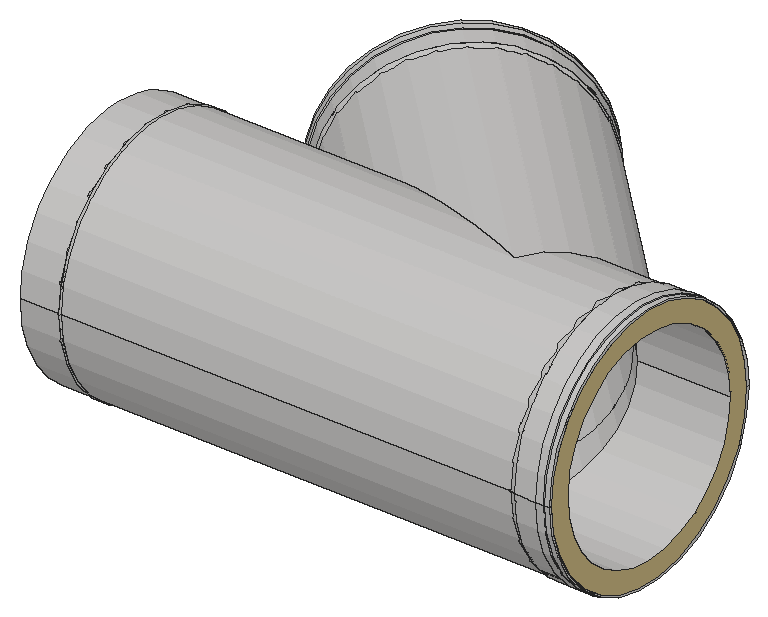
Revit family "Construction_Chimney_Oli_INOX-TEE-MALE-45", category Pipe Fittings, Revit 2015
Parameters
  Youtube clip = ""
  Weight Net (Kg) = ""
  Virtual Socket Type [instance] = Socket Type : Positive
  Virtual Socket [instance] = no
  Uniformat II Description = ""
  Uniformat II Code = ""
  Uniclass 2015 Name = ""
  Uniclass 2015 Code = ""
  Uniclass 2.0 Description = ""
  Uniclass 2.0 Code = ""
  Uniclass 1.4 Description = ""
  Uniclass 1.4 Code = ""
  URL = "www.olisrl.it"
  UNSPSC Code = ""
  Type of Element = "Junction"  # constant formula
  Type Image = OL016222_Tee 45° maschio INOX DP.jpg
  Twist Socket [instance] = if(Nominal Diameter = 80 mm, 1 = 1, if(Nominal Diameter = 100 mm, 1 = 1, if(Nominal Diameter = 130 mm, 1 = 1, if(Nominal Diameter = 150 mm, 1 = 1, if(Nominal Diameter = 180 mm, 1 = 1, if(Nominal Diameter = 200 mm, 1 = 1, 1 = 0))))))  # no
  Traditional Socket [instance] = not(Twist Socket)  # yes
  Termal resistance [instance] = if(Nominal Diameter = 80 mm, "0,36 m2k/W", if(Nominal Diameter = 100 mm, "0,37 m2k/W", if(Nominal Diameter = 130 mm, "0,39 m2k/W", if(Nominal Diameter = 150 mm, "0,40 m2k/W", if(Nominal Diameter = 180 mm, "0,41 m2k/W", if(Nominal Diameter = 200 mm, "0,42 m2k/W", if(Nominal Diameter = 250 mm, "0,42 m2k/W", if(Nominal Diameter = 300 mm, "0,42 m2k/W", if(Nominal Diameter = 350 mm, "0,43 m2k/W", if(Nominal Diameter = 400 mm, "0,43 m2k/W", "NA"))))))))))  # "0,42 m2k/W"
  Technical description = "http://www.olisrl.it/download/C_OLIFLEX_A80-2_IT-GB.pdf"
  Region South America = "All"
  Region Oceania = "All"
  Region North America = "All"
  Region Middle East = "All"
  Region Europe = "All"
  Region Asia = "All"
  Region Antarctica = "All"
  Region Africa = "All"
  QR code = "http://bimobject.com/oli/product/OL016222-stainless-steel-pipe-rigid-element-chimney-Condensing-gas-boilers-Kitchen-wood-pellet"
  Product url = "http://www.olisrl.it/download/VOCE%20di%20CAPITOLATO_OLIflex_DP25_Inox-ISOLATO-Lana_rev2.pdf"
  Product group = "TEE MALE 45°"
  Product family = "OLIFLEX D.P. Inox 25 Mineral Wool insulation"
  Product data url = "https://bimobject.com/oli/product/OL016222-stainless-steel-pipe-rigid-element-chimney-Condensing-gas-boilers-Kitchen-wood-pellet"
  Product certification = "http://www.olisrl.it/download/Oliflex-DP01.pdf"
  Product SKU = "OL016222-stainless-steel-pipe-rigid-element-chimney-Condensing-gas-boilers-Kitchen-wood-pellet"
  Product Material = Stainless Steel - Oli - Corrosion resistant
  Product Guid = "64ea1341-478f-40c6-81f5-4833bea09320"
  Product Family = "OLIFLEX D.P. Inox 25 Mineral Wool insulation"  # constant formula
  Positive Socket [instance] = Socket Type : Positive
  Positive 3 [instance] = and(Virtual Socket Type = Positive Socket, Fake Traditional Socket)  # no
  Positive 2 [instance] = and(Virtual Socket Type = Positive Socket, Fake Twist Socket)  # no
  Positive 1 [instance] = and(Virtual Socket Type = Positive Socket, Traditional Socket)  # yes
  Positive [instance] = and(Virtual Socket Type = Positive Socket, Twist Socket)  # no
  OmniClass Description = ""
  OmniClass Code = ""
  Note [instance] = if(Nominal Diameter = 80 mm, "Dist. to combustible material = T200 (O 00 mm.) / T600 (G 65 mm.)", if(Nominal Diameter = 100 mm, "Dist. to combustible material = T200 (O 00 mm.) / T600 (G 65 mm.)", if(Nominal Diameter = 130 mm, "Dist. to combustible material = T200 (O 00 mm.) / T600 (G 65 mm.)", if(Nominal Diameter = 150 mm, "Dist. to combustible material = T200 (O 00 mm.) / T600 (G 65 mm.)", if(Nominal Diameter = 180 mm, "Dist. to combustible material = T200 (O 00 mm.) / T600 (G 65 mm.)", if(Nominal Diameter = 200 mm, "Dist. to combustible material = T200 (O 00 mm.) / T600 (G 65 mm.)", if(Nominal Diameter = 250 mm, "Dist. to combustible material = T200 (O 00 mm.) / T600 (G 65 mm.)", if(Nominal Diameter = 300 mm, "Dist. to combustible material = T200 (O 00 mm.) / T600 (G 98 mm.)", if(Nominal Diameter = 350 mm, "Dist. to combustible material = T200 (O 00 mm.) / T600 (G 98 mm.)", if(Nominal Diameter = 400 mm, "Dist. to combustible material = T200 (O 00 mm.) / T600 (G 98 mm.)", "NA"))))))))))  # "Dist. to combustible material = T200 (O 00 mm.) / T600 (G 65 mm.)"
  Not VS2 [instance] = and(not(Virtual Socket), Virtual Socket Type = Positive Socket)  # yes
  Not VS [instance] = and(not(Virtual Socket), Virtual Socket Type = Negative Socket)  # no
  Nominal width = 0 mm
  Nominal height = 0 mm
  Nominal Diameter [instance] = 250 mm
  Negative Socket [instance] = Socket Type : Negative
  Negative 3 [instance] = and(Virtual Socket Type = Negative Socket, Fake Traditional Socket)  # no
  Negative 2 [instance] = and(Virtual Socket Type = Negative Socket, Fake Twist Socket)  # no
  Negative 1 [instance] = and(Virtual Socket Type = Negative Socket, Traditional Socket)  # no
  Negative [instance] = and(Twist Socket, Virtual Socket Type = Negative Socket)  # no
  ND2 [instance] = Outside Diameter / 2 + 2 mm  # 152 mm
  ND1 [instance] = Outside Diameter / 2  # 150 mm
  ND [instance] = Outside Diameter / 2 - 5 mm  # 145 mm
  NBS Reference Description = ""
  NBS Reference Code = ""
  Model Description [instance] = if(Nominal Diameter = 80 mm, "TEE MALE 45°  Diam. 80", if(Nominal Diameter = 100 mm, "TEE MALE 45°  Diam. 100", if(Nominal Diameter = 130 mm, "TEE MALE 45°  Diam. 130", if(Nominal Diameter = 150 mm, "TEE MALE 45°  Diam. 150", if(Nominal Diameter = 180 mm, "TEE MALE 45°  Diam. 180", if(Nominal Diameter = 200 mm, "TEE MALE 45°  Diam. 200", if(Nominal Diameter = 250 mm, "TEE MALE 45°  Diam. 250", if(Nominal Diameter = 300 mm, "TEE MALE 45°  Diam. 300", if(Nominal Diameter = 350 mm, "TEE MALE 45°  Diam. 350", if(Nominal Diameter = 400 mm, "TEE MALE 45°  Diam. 400", "NA"))))))))))  # "TEE MALE 45°  Diam. 250"
  Maximum Temperature = "without seal +600° C (temp. test. +700° C) - with seal +200° C (temp. test. +250° C)"  # constant formula
  Material secondary = ""
  Material main = "Stainless steel"
  Material = "Int. AISI 316 sp. 0,5 mm. - Est. AISI 304 sp. 0,5 mm."
  Masterformat 2014 Description = ""
  Masterformat 2014 Code = ""
  Manufacturer name = "Oli"
  Manufacturer country = "Italy"
  Manufacturer = "Oli"  # constant formula
  Lookup Table Name [instance] = "Oli_TEE-Male-45"
  Length 2 [instance] = if(Angle < 45.001°, E, C - E)  # 165 mm
  Length 1 [instance] = if(Angle > 45.05°, E, C - E)  # 485 mm
  L [instance] = size_lookup(Lookup Table Name, "L", 0 mm, Nominal Diameter)  # 462 mm
  Keynote = "15200"
  Insulazione tipe = "25 mm. - Mineral Wood"  # constant formula
  Installation instructions = "http://www.olisrl.it/download/C_OLIFLEX_A80-2_IT-GB.pdf"
  Outside Diameter [instance] = size_lookup(Lookup Table Name, "D1", 0 mm, Nominal Diameter)  # 300 mm
  IFC Classification = ""
  Fire Resistence = "without seal \"G\" (Resistant to the soot fire) - with seal \"O\" (Not resistant to the soot fire)"
  Fake Twist Socket [instance] = and(Virtual Socket, Twist Socket)  # no
  Fake Traditional Socket [instance] = and(Virtual Socket, Traditional Socket)  # no
  Edition number = 1
  EAN code = ""
  E [instance] = size_lookup(Lookup Table Name, "E", 0 mm, Nominal Diameter)  # 485 mm
  Dimensions [instance] = if(Nominal Diameter = 80 mm, "Int. 80 mm. - est. 130 mm. - sp. 25 mm.", if(Nominal Diameter = 100 mm, "Int. 100 mm. - est. 150 mm. - sp. 25 mm.", if(Nominal Diameter = 130 mm, "Int. 130 mm. - est. 180 mm. - sp. 25 mm.", if(Nominal Diameter = 150 mm, "Int. 150 mm. - est. 200 mm. - sp. 25 mm.", if(Nominal Diameter = 180 mm, "Int. 180 mm. - est. 230 mm. - sp. 25 mm.", if(Nominal Diameter = 200 mm, "Int. 200 mm. - est. 250 mm. - sp. 25 mm.", if(Nominal Diameter = 250 mm, "Int. 250 mm. - est. 300 mm. - sp. 25 mm.", if(Nominal Diameter = 300 mm, "Int. 300 mm. - est. 350 mm. - sp. 25 mm.", if(Nominal Diameter = 350 mm, "Int. 350 mm. - est. 400 mm. - sp. 25 mm.", if(Nominal Diameter = 400 mm, "Int. 400 mm. - est. 450 mm. - sp. 25 mm.", "NA"))))))))))  # "Int. 250 mm. - est. 300 mm. - sp. 25 mm."
  Design country = "Italy"
  Description = "Tee male 45°, CE certified product in according with EN 1856-1, is a system in Polished Stainless Steel for removal of the combustion products from condensation boilers, Kitchen and solid (Pellet - Wood) and liquid fuell . Produced in 80-130-150-180-200-250-300-350-400 mm diameters. This new system, composed of circular modular elements, resists both positive pressure (200 Pa - P1) and negative pressure (40 Pa depression). The OLIflex D.P. Inox 25 system is used principally for both the discharge of the products of combustion from domestic and industial boilers, wood and pellet stoes and fireplaces. D.P. Inox 25 is resistant to the soot fire (G) and the maximun operating temperature is T 600° and the product must guarantee a perfect seal against acidic condensation (corrosion class V2) in dry and wet conditions.\r\n"  # constant formula
  Date of publishing = ""
  Construction Standard = "EN 1856-1 - chimney system"  # constant formula
  Connector 2 [instance] = if(Virtual Socket Type = Positive Socket, Length 2, Length 2 - 50 mm)  # 165 mm
  Connector 1 [instance] = if(Virtual Socket Type = Positive Socket, Length 1 - 50 mm, Length 1)  # 435 mm
  Connection elements [instance] = if(Nominal Diameter = 80 mm, "Quick screw connection - No lolocking band required", if(Nominal Diameter = 100 mm, "Quick screw connection - No lolocking band required", if(Nominal Diameter = 130 mm, "Quick screw connection - No lolocking band required", if(Nominal Diameter = 150 mm, "Quick screw connection - No lolocking band required", if(Nominal Diameter = 180 mm, "Quick screw connection - No lolocking band required", if(Nominal Diameter = 200 mm, "Quick screw connection - No lolocking band required", if(Nominal Diameter = 250 mm, "Quick screw connection - No lolocking band required", if(Nominal Diameter = 300 mm, "Male/Female connection - Requires locking band", if(Nominal Diameter = 350 mm, "Male/Female connection - Requires locking band", if(Nominal Diameter = 400 mm, "Male/Female connection - Requires locking band", "NA"))))))))))  # "Quick screw connection - No lolocking band required"
  Colors = "Polished stainless steel"  # constant formula
  COBIe Type Category = ""
  CE Designation/Performance without seal [instance] = if(Nominal Diameter = 80 mm, "T600 N1 D V2 L50050 G65", if(Nominal Diameter = 100 mm, "T600 N1 D V2 L50050 G65", if(Nominal Diameter = 130 mm, "T600 N1 D V2 L50050 G65", if(Nominal Diameter = 150 mm, "T600 N1 D V2 L50050 G65", if(Nominal Diameter = 180 mm, "T600 N1 D V2 L50050 G65", if(Nominal Diameter = 200 mm, "T600 N1 D V2 L50050 G65", if(Nominal Diameter = 250 mm, "T600 N1 D V2 L50050 G65", if(Nominal Diameter = 300 mm, "T600 N1 D V2 L50050 G98", if(Nominal Diameter = 350 mm, "T600 N1 D V2 L50050 G98", if(Nominal Diameter = 400 mm, "T600 N1 D V2 L50050 G98", "NA"))))))))))  # "T600 N1 D V2 L50050 G65"
  CE Designation/Performance with seal = "T200 P1 W V2 L50050 O00"  # constant formula
  C [instance] = size_lookup(Lookup Table Name, "C", 0 mm, Nominal Diameter)  # 650 mm
  Brand url = "http://www.oli-world.com"
  BIMobject main category code = ""
  BIMobject main category = ""
  BIMobject category code = ""
  BIMobject category = ""
  B' [instance] = B + Nominal Diameter / 2  # 452 mm
  B [instance] = size_lookup(Lookup Table Name, "B", 0 mm, Nominal Diameter)  # 327 mm
  Available Sizes [instance] = "80, 100, 130, 150, 180, 200, 250, 300, 350, 400 mm"  # constant formula
  Assembly Code = "D30"
  Article Number [instance] = size_lookup(Lookup Table Name, "", " NA ", Nominal Diameter)  # "OL0162227"
  Application = "Gas normale e a condensazione + Combust. Solidi e Liquidi"  # constant formula
  Angle [instance] = 135.00°
  A(1/3) [instance] = A * 1 / 3  # 16.667 mm
  A [instance] = size_lookup(Lookup Table Name, "A", 0 mm, Nominal Diameter)  # 50 mm
Reference planes
  plane 1 "Center (Front/Back)": y = 0
  plane 2: z = 0
  plane 3 "Center (Left/Right)": x = 0
  plane 4: x = -485
  plane 5: x = 165
  plane 6: y = 327
Forms (mm)
  Sweep 1, solid, material "Stainless Steel - Oli - Corrosion resistant" <- "Product Material", detail levels fine
    path origin (0, 0, 0) x (1, 0, 0) y (0, 1, 0)
      loop
        line (-485, 0) -> (165, 0)
    profile origin (-160, 0, 0) x (0, 1, 0) y (0, 0, 1)
      loop
        circle (0, 0) r 150
      loop
        circle (0, 0) r 125
  Sweep 2, solid, material "Stainless Steel - Oli - Corrosion resistant" <- "Product Material", detail levels fine
    path origin (0, 0, 0) x (-0.707107, 0.707107, 0) y (-0.707107, -0.707107, 0)
      loop
        line (0, 0) -> (462, 0)
    profile origin (-163.342, 163.342, 0) x (-0.707107, -0.707107, 0) y (0, 0, 1)
      loop
        circle (0, 0) r 150
      loop
        circle (0, 0) r 125
  Revolve 3, solid, material "Stainless Steel - Oli - Corrosion resistant" <- "Product Material", visible <- "Positive 3", detail levels fine
    sketch origin (0, 0, 0) x (-1, 0, 0) y (0, 1, 0)
      loop
        line (485, 150) -> (478, 152) -> (451.667, 152) -> (451.667, 153) -> (442, 153) -> (442, 152) -> (435, 152) -> (435, 150) -> (485, 150)
      axis (435, 0) -> (485, 0)
    angle from 0 to 360
  Revolve 4, solid, material "Stainless Steel - Oli - Corrosion resistant" <- "Product Material", visible <- "Traditional Socket", detail levels fine
    sketch origin (0, 0, 0) x (-0.707107, 0.707107, 0) y (-0.707107, -0.707107, 0)
      loop
        line (462, -150) -> (412, -150) -> (419, -152) -> (445.333, -152) -> (445.333, -153) -> (455, -153) -> (455, -152) -> (462, -152) -> (462, -150)
      axis (412, 0) -> (462, 0)
    angle from 0 to 360
  Revolve 5, solid, material "Stainless Steel - Oli - Corrosion resistant" <- "Product Material", visible <- "Positive 2", detail levels fine
    sketch origin (0, 0, 0) x (1, 0, 0) y (0, 1, 0)
      loop
        line (-485, 150) -> (-435, 150) -> (-435, 152) -> (-445, 152) -> (-445, 153.037) -> (-455, 153.037) -> (-455, 152) -> (-463, 152) -> (-463, 151.2) -> (-468, 151.2) -> (-468, 152) -> (-478, 152) -> (-485, 150)
      axis (-485, 0) -> (-435, 0)
    angle from 0 to 360
  Revolve 6, solid, material "Stainless Steel - Oli - Corrosion resistant" <- "Product Material", visible <- "Twist Socket", detail levels fine
    sketch origin (0, 0, 0) x (-0.707107, 0.707107, 0) y (-0.707107, -0.707107, 0)
      loop
        line (462, -150) -> (412, -150) -> (419, -152) -> (429, -152) -> (429, -151.205) -> (434, -151.205) -> (434, -152) -> (442, -152) -> (442, -152.97) -> (452, -152.97) -> (452, -152) -> (462, -152) -> (462, -150)
      axis (412, 0) -> (462, 0)
    angle from 0 to 360
  Sweep 7, void
    path in 3D
      loop
        line (-435, 0, 0) -> (165, 0, 0)
    profile origin (-135, 0, 0) x (0, 1, 0) y (0, 0, 1)
      loop
        circle (0, 0) r 150
  Sweep 8, void
    path in 3D
      loop
        line (0, 0, 0) -> (-326.683, 326.683, 0)
    profile origin (-163.342, 163.342, 0) x (-0.707107, -0.707107, 0) y (0, 0, 1)
      loop
        circle (0, 0) r 125
  Revolve 9, solid, material "Stainless Steel - Oli - Corrosion resistant" <- "Product Material", visible <- "Positive", detail levels fine
    sketch origin (1780, 0, 0) x (1, 0, 0) y (0, 1, 0)
      loop
        line (-1665, 150) -> (-1615, 150) -> (-1615, 152) -> (-1625, 152) -> (-1625, 153.037) -> (-1635, 153.037) -> (-1635, 152) -> (-1643, 152) -> (-1643, 151.2) -> (-1648, 151.2) -> (-1648, 152) -> (-1658, 152) -> (-1665, 150)
      axis (-1665, 0) -> (-1615, 0)
    angle from 0 to 360
  Revolve 10, solid, material "Stainless Steel - Oli - Corrosion resistant" <- "Product Material", visible <- "Positive 1", detail levels fine
    sketch origin (1580, 0, 0) x (-1, 0, 0) y (0, 1, 0)
      loop
        line (1465, 150) -> (1458, 152) -> (1431.667, 152) -> (1431.667, 153) -> (1422, 153) -> (1422, 152) -> (1415, 152) -> (1415, 150) -> (1465, 150)
      axis (1415, 0) -> (1465, 0)
    angle from 0 to 360
  Revolve 11, solid, material "Stainless Steel - Oli - Corrosion resistant" <- "Product Material", visible <- "Not VS2", detail levels fine
    sketch origin (0, 0, 0) x (1, 0, 0) y (0, 1, 0)
      loop
        line (-439, 150) -> (-435, 150) -> (-436, 151.732) -> (-439, 150)
      axis (-435, 0) -> (-439, 0)
    angle from 0 to 360
  Revolve 12, solid, material "Stainless Steel - Oli - Corrosion resistant" <- "Product Material", visible <- "Negative 1", detail levels fine
    sketch origin (-274, 0, 0) x (1, 0, 0) y (0, 1, 0)
      loop
        line (-161, 150) -> (-168, 152) -> (-194.333, 152) -> (-194.333, 153) -> (-204, 153) -> (-204, 152) -> (-211, 152) -> (-211, 150) -> (-161, 150)
      axis (-211, 0) -> (-161, 0)
    angle from 0 to 360
  Revolve 13, solid, material "Stainless Steel - Oli - Corrosion resistant" <- "Product Material", visible <- "Negative", detail levels fine
    sketch origin (-274, 0, 0) x (-1, 0, 0) y (0, 1, 0)
      loop
        line (161, 150) -> (211, 150) -> (211, 152) -> (201, 152) -> (201, 153.037) -> (191, 153.037) -> (191, 152) -> (183, 152) -> (183, 151.2) -> (178, 151.2) -> (178, 152) -> (168, 152) -> (161, 150)
      axis (161, 0) -> (211, 0)
    angle from 0 to 360
  Revolve 14, solid, material "Stainless Steel - Oli - Corrosion resistant" <- "Product Material", visible <- "Negative 2", detail levels fine
    sketch origin (-974, 0, 0) x (-1, 0, 0) y (0, 1, 0)
      loop
        line (-1139, 150) -> (-1089, 150) -> (-1089, 152) -> (-1099, 152) -> (-1099, 153.037) -> (-1109, 153.037) -> (-1109, 152) -> (-1117, 152) -> (-1117, 151.2) -> (-1122, 151.2) -> (-1122, 152) -> (-1132, 152) -> (-1139, 150)
      axis (-1139, 0) -> (-1089, 0)
    angle from 0 to 360
  Revolve 15, solid, material "Stainless Steel - Oli - Corrosion resistant" <- "Product Material", visible <- "Negative 3", detail levels fine
    sketch origin (-774, 0, 0) x (1, 0, 0) y (0, 1, 0)
      loop
        line (939, 150) -> (932, 152) -> (905.667, 152) -> (905.667, 153) -> (896, 153) -> (896, 152) -> (889, 152) -> (889, 150) -> (939, 150)
      axis (889, 0) -> (939, 0)
    angle from 0 to 360
  Revolve 16, solid, material "Stainless Steel - Oli - Corrosion resistant" <- "Product Material", visible <- "Not VS", detail levels fine
    sketch origin (266, 0, 0) x (-1, 0, 0) y (0, 1, 0)
      loop
        line (147, 150) -> (151, 150) -> (150, 151.732) -> (147, 150)
      axis (151, 0) -> (147, 0)
    angle from 0 to 360
  Sweep 17, solid, not visible
    path origin (0, 0, 0) x (1, 0, 0) y (0, 1, 0)
      loop
        line (165, 0) -> (-435, 0)
    profile origin (-135, 0, 0) x (0, -1, 0) y (0, 0, 1)
      loop
        circle (0, 0) r 0.5
Cuts and joins
  Sweep 8 cuts Sweep 1
  Sweep 7, Sweep 8 cuts Sweep 2
  joined: Sweep 1, Sweep 2
Lines and regions (mm)
  model lines, detail levels coarse+medium
    curve 1: line (-435, 0, 0) -> (165, 0, 0)
    curve 2: line (-435, 125, 0) -> (-435, -125, 0)
    curve 3: line (165, 125, 0) -> (165, -125, 0)
    curve 8: line (0, 0, 0) -> (-326.683, 326.683, 0)
    curve 9: line (-415.072, 238.295, 0) -> (-238.295, 415.072, 0)
  reference lines
    curve 4: line (0, 0, 0) -> (-326.683, 326.683, 0)
    curve 5: line (-326.683, 326.683, 0) -> (-227.688, 425.678, 0)
  sketch lines
    curve 6: line (-435, 0, 0) -> (165, 0, 0)
    curve 7: line (0, 0, 0) -> (-326.683, 326.683, 0)
Dimensions and locks
  "B": plane 1 "Center (Front/Back)" to plane 6
  equal spacing: curve 2, plane 1 "Center (Front/Back)", curve 2
  "Nominal Diameter": curve 2 to curve 2
  equal spacing: curve 3, plane 1 "Center (Front/Back)", curve 3
  "Nominal Diameter": curve 3 to curve 3
  locked: Revolve 4 sketch curve to Revolve 4 sketch curve at 1
  "A": plane 4 to Revolve 3 sketch curve
  "ND1": plane 1 "Center (Front/Back)" to Revolve 3 sketch curve
  locked: Revolve 4 sketch curve to Revolve 4 sketch curve at 2
  "ND1": plane 1 "Center (Front/Back)" to Revolve 5 sketch curve
  "L": curve 4 to curve 4
  "Length 1": plane 4 to plane 3 "Center (Left/Right)"
  "Length 2": plane 3 "Center (Left/Right)" to plane 5
  "ND1": curve 4 to Revolve 4 sketch curve
  "A": Revolve 4 sketch curve to curve 5
  "A(1/3)": Revolve 4 sketch curve to curve 5
  "A": Revolve 6 sketch curve to curve 5
  "ND1": curve 4 to Revolve 6 sketch curve
  locked: Revolve 6 sketch curve to Revolve 6 sketch curve at 2  (x3)
  locked: Revolve 6 sketch curve to Revolve 6 sketch curve at 2.97
  locked: Revolve 6 sketch curve to Revolve 6 sketch curve at 1.205
  equal spacing: curve 9, curve 8, curve 9
  "Nominal Diameter": curve 9 to curve 9
  Revolve 5 sketch curve to Revolve 5 sketch curve to Revolve 5 sketch curve to Revolve 5 sketch curve to Revolve 5 sketch curve to Revolve 5 sketch curve = 10 mm locked, 5 mm locked, 8 mm locked, 10 mm locked, 10 mm locked
  "Length 1": Revolve 5 sketch curve to plane 3 "Center (Left/Right)"
  Revolve 5 sketch curve to Revolve 5 sketch curve to Revolve 5 sketch curve to Revolve 5 sketch curve to Revolve 5 sketch curve = 1.2 mm locked, 0.8 mm locked, 0 mm locked, 1.037 mm locked
  "A": Revolve 5 sketch curve to Revolve 5 sketch curve
  Revolve 3 sketch curve to Revolve 3 sketch curve to Revolve 3 sketch curve to Revolve 3 sketch curve to Revolve 3 sketch curve = 7 mm locked, 26.333 mm locked, 9.667 mm locked, 7 mm locked
  Revolve 3 sketch curve to Revolve 3 sketch curve to Revolve 3 sketch curve to Revolve 3 sketch curve = 2 mm locked, 0 mm locked, 1 mm locked
  Revolve 9 sketch curve to Revolve 9 sketch curve to Revolve 9 sketch curve to Revolve 9 sketch curve to Revolve 9 sketch curve to Revolve 9 sketch curve = 10 mm locked, 5 mm locked, 8 mm locked, 10 mm locked, 10 mm locked
  Revolve 9 sketch curve to Revolve 9 sketch curve to Revolve 9 sketch curve to Revolve 9 sketch curve to Revolve 9 sketch curve = 1.2 mm locked, 0.8 mm locked, 0 mm locked, 1.037 mm locked
  "A": Revolve 9 sketch curve to Revolve 9 sketch curve
  Revolve 10 sketch curve to Revolve 10 sketch curve to Revolve 10 sketch curve to Revolve 10 sketch curve to Revolve 10 sketch curve = 7 mm locked, 26.333 mm locked, 9.667 mm locked, 7 mm locked
  Revolve 10 sketch curve to Revolve 10 sketch curve to Revolve 10 sketch curve to Revolve 10 sketch curve = 2 mm locked, 0 mm locked, 1 mm locked
  "ND1": plane 1 "Center (Front/Back)" to Revolve 10 sketch curve
  "ND1": plane 1 "Center (Front/Back)" to Revolve 9 sketch curve
  locked: Revolve 11 sketch curve to Revolve 11 sketch curve at 2
  locked: Revolve 11 sketch curve to Revolve 11 sketch curve at 3.464
  locked: Revolve 11 sketch curve to Revolve 11 sketch curve at 4
  locked: plane 4 to Revolve 11 sketch curve at 50
  "ND1": plane 1 "Center (Front/Back)" to Revolve 11 sketch curve
  Revolve 13 sketch curve to Revolve 13 sketch curve to Revolve 13 sketch curve to Revolve 13 sketch curve to Revolve 13 sketch curve to Revolve 13 sketch curve = 10 mm locked, 5 mm locked, 8 mm locked, 10 mm locked, 10 mm locked
  Revolve 13 sketch curve to Revolve 13 sketch curve to Revolve 13 sketch curve to Revolve 13 sketch curve to Revolve 13 sketch curve = 1.2 mm locked, 0.8 mm locked, 0 mm locked, 1.037 mm locked
  "A": Revolve 13 sketch curve to Revolve 13 sketch curve
  Revolve 12 sketch curve to Revolve 12 sketch curve to Revolve 12 sketch curve to Revolve 12 sketch curve to Revolve 12 sketch curve = 7 mm locked, 26.333 mm locked, 9.667 mm locked, 7 mm locked
  Revolve 12 sketch curve to Revolve 12 sketch curve to Revolve 12 sketch curve to Revolve 12 sketch curve = 2 mm locked, 0 mm locked, 1 mm locked
  Revolve 14 sketch curve to Revolve 14 sketch curve to Revolve 14 sketch curve to Revolve 14 sketch curve to Revolve 14 sketch curve to Revolve 14 sketch curve = 10 mm locked, 5 mm locked, 8 mm locked, 10 mm locked, 10 mm locked
  Revolve 14 sketch curve to Revolve 14 sketch curve to Revolve 14 sketch curve to Revolve 14 sketch curve to Revolve 14 sketch curve = 1.2 mm locked, 0.8 mm locked, 0 mm locked, 1.037 mm locked
  "A": Revolve 14 sketch curve to Revolve 14 sketch curve
  Revolve 15 sketch curve to Revolve 15 sketch curve to Revolve 15 sketch curve to Revolve 15 sketch curve to Revolve 15 sketch curve = 7 mm locked, 26.333 mm locked, 9.667 mm locked, 7 mm locked
  Revolve 15 sketch curve to Revolve 15 sketch curve to Revolve 15 sketch curve to Revolve 15 sketch curve = 2 mm locked, 0 mm locked, 1 mm locked
  locked: Revolve 16 sketch curve to Revolve 16 sketch curve at 2
  locked: Revolve 16 sketch curve to Revolve 16 sketch curve at 3.464
  locked: Revolve 16 sketch curve to Revolve 16 sketch curve at 4
  "A": Revolve 16 sketch curve to plane 5
  "ND1": plane 1 "Center (Front/Back)" to Revolve 13 sketch curve
  "ND1": plane 1 "Center (Front/Back)" to Revolve 12 sketch curve
  "ND1": plane 1 "Center (Front/Back)" to Revolve 15 sketch curve
  "A": Revolve 15 sketch curve to plane 5
  "ND1": plane 1 "Center (Front/Back)" to Revolve 14 sketch curve
  "ND1": plane 1 "Center (Front/Back)" to Revolve 16 sketch curve
  "Connector 1": Sweep 17 sketch curve to plane 3 "Center (Left/Right)"
  "Connector 2": plane 3 "Center (Left/Right)" to Sweep 17 sketch curve
  "Connector 1": curve 2 to plane 3 "Center (Left/Right)"
  "Connector 2": plane 3 "Center (Left/Right)" to curve 3
  "Outside Diameter": diameter of Sweep 1 sketch curve
  "Nominal Diameter": diameter of Sweep 1 sketch curve
  "Outside Diameter": diameter of Sweep 2 sketch curve
  "Nominal Diameter": diameter of Sweep 2 sketch curve
  "Outside Diameter": diameter of Sweep 7 sketch curve
  "Nominal Diameter": diameter of Sweep 8 sketch curve
  "Angle": angle plane 1 "Center (Front/Back)" to curve 4
  locked: curve 4 to curve 5 (angle 90.00°)
  aligned and locked: level to plane 2
  aligned and locked: plane 4 to Sweep 1 sketch curve
  aligned and locked: plane 5 to Sweep 1 sketch curve
  aligned and locked: plane 1 "Center (Front/Back)" to Sweep 1 sketch curve
  aligned and locked: plane 1 "Center (Front/Back)" to curve 1
  aligned and locked: Revolve 4 sketch curve to Revolve 4 sketch curve
  aligned and locked: plane 3 "Center (Left/Right)" to curve 4
  aligned and locked: plane 1 "Center (Front/Back)" to curve 4
  aligned and locked: Sweep 2 sketch curve to curve 4
  aligned and locked: Revolve 6 sketch curve to curve 4
  aligned and locked: curve 8 to curve 4
  aligned and locked: curve 9 to curve 5
  aligned and locked: Revolve 5 sketch curve to Revolve 5 sketch curve
  aligned and locked: Revolve 9 sketch curve to Revolve 9 sketch curve
  aligned and locked: Revolve 10 sketch curve to plane 1 "Center (Front/Back)"
  aligned and locked: Revolve 10 sketch curve to plane 5
  aligned and locked: plane 1 "Center (Front/Back)" to Revolve 9 sketch curve
  aligned and locked: Revolve 9 sketch curve to plane 5
  aligned and locked: Revolve 11 sketch curve to plane 1 "Center (Front/Back)"
  aligned and locked: Revolve 13 sketch curve to Revolve 13 sketch curve
  aligned and locked: Revolve 14 sketch curve to Revolve 14 sketch curve
  aligned and locked: Revolve 13 sketch curve to plane 1 "Center (Front/Back)"
  aligned and locked: plane 1 "Center (Front/Back)" to Revolve 12 sketch curve
  aligned and locked: Revolve 12 sketch curve to plane 4
  aligned and locked: plane 1 "Center (Front/Back)" to Revolve 15 sketch curve
  aligned and locked: Revolve 14 sketch curve to plane 1 "Center (Front/Back)"
  aligned and locked: Sweep 17 sketch curve to plane 1 "Center (Front/Back)"
Automatic sketch dimensions
  Sweep 2 sketch curve to curve 4 = 0 mm  (x2)
  Sweep 17 sketch curve to level = 0 mm
  Sweep 17 sketch curve to profile plane = 0 mm
  Sweep 1 sketch curve to Sweep 1 sketch curve = 0 mm  (x2)
  Sweep 1 sketch curve to level = 0 mm
  Sweep 1 sketch curve to profile plane = 0 mm
  Sweep 2 sketch curve to Sweep 2 sketch curve = 0 mm  (x2)
  Sweep 2 sketch curve to profile plane = 0 mm
  profile plane to Sweep 2 sketch curve = 0 mm
  plane 1 "Center (Front/Back)" to Revolve 3 sketch curve = 0 mm
  Revolve 3 sketch curve to plane 3 "Center (Left/Right)" = 0 mm
  plane 3 "Center (Left/Right)" to Revolve 3 sketch curve = 43 mm
  Revolve 4 sketch curve to curve 4 = 0 mm
  curve 4 to Revolve 4 sketch curve = 0 mm
  Revolve 4 sketch curve to Revolve 4 sketch curve = 7 mm
  Revolve 4 sketch curve to curve 4 = 7 mm
  Revolve 4 sketch curve to curve 4 = 99 mm
  curve 4 to Revolve 4 sketch curve = 5 mm
  plane 1 "Center (Front/Back)" to Revolve 5 sketch curve = 0 mm
  Revolve 5 sketch curve to plane 4 = 0 mm
  Revolve 5 sketch curve to Revolve 5 sketch curve = 35 mm
  Revolve 6 sketch curve to curve 4 = 0 mm  (x2)
  curve 4 to Revolve 6 sketch curve = 0 mm
  Revolve 6 sketch curve to Revolve 6 sketch curve = 7 mm
  Revolve 6 sketch curve to Revolve 6 sketch curve = 10 mm
  Revolve 6 sketch curve to Revolve 6 sketch curve = 5 mm
  Revolve 6 sketch curve to Revolve 6 sketch curve = 8 mm
  Revolve 6 sketch curve to curve 4 = 10 mm
  Sweep 7 sketch curve to profile plane = 0 mm  (x2)
  Sweep 8 sketch curve to profile plane = 0 mm
  profile plane to Sweep 8 sketch curve = 0 mm
  plane 5 to Revolve 9 sketch curve = 890 mm
  Revolve 9 sketch curve to Revolve 9 sketch curve = 35 mm
  Revolve 10 sketch curve to plane 5 = 843 mm
  Revolve 10 sketch curve to Revolve 10 sketch curve = 43 mm
  Revolve 11 sketch curve to plane 4 = 1804 mm
  plane 5 to Revolve 11 sketch curve = 1306 mm
  Revolve 12 sketch curve to plane 4 = 69 mm
  Revolve 12 sketch curve to Revolve 12 sketch curve = 43 mm
  Revolve 13 sketch curve to plane 4 = 0 mm
  Revolve 13 sketch curve to plane 4 = 50 mm
  Revolve 13 sketch curve to plane 4 = 15 mm
  Revolve 14 sketch curve to plane 5 = 0 mm
  plane 4 to Revolve 14 sketch curve = 350 mm
  Revolve 14 sketch curve to Revolve 14 sketch curve = 35 mm
  Revolve 15 sketch curve to plane 4 = 303 mm
  Revolve 15 sketch curve to Revolve 15 sketch curve = 43 mm
  plane 1 "Center (Front/Back)" to Revolve 16 sketch curve = 0 mm
  Revolve 16 sketch curve to plane 5 = 1804 mm
  plane 4 to Revolve 16 sketch curve = 1306 mm
  radius of Sweep 17 sketch curve = 0.5 mm
Connectors
  piping at (-326.683, 326.683, 0), diameter 250, driven by "Nominal Diameter", driven by "Angle"
    settings: on cut or joined group of Sweep 1, Sweep 2, Sweep 7, Sweep 8, index 4, connector inside diameter 609.6 mm, connector length 0 mm, flow factor 0, pipe flow 0.0 L/s, pressure drop 0.0 Pa, fitting loss kfactor 0, connector angle 135.00°, fixture units 0, engagement length 0 mm, angle of deflection 0.00°, flow configuration 0, flow direction 0, fitting loss method 0, system type 28, joint type 0, gender type 0, connector reference index -1, connector utility 0, adjustable connector no, is connector primary no, connector description ""
  piping at (-435, 0, 0), diameter 250, driven by "Nominal Diameter"
    settings: on Sweep 17, index 5, connector inside diameter 609.6 mm, connector length 0 mm, flow factor 0, pipe flow 0.0 L/s, pressure drop 0.0 Pa, fitting loss kfactor 0, connector angle 0.00°, fixture units 0, engagement length 0 mm, angle of deflection 0.00°, flow configuration 0, flow direction 0, fitting loss method 0, system type 28, joint type 0, gender type 0, connector reference index 6, connector utility 0, adjustable connector no, is connector primary yes, connector description ""
  piping at (165, 0, 0), diameter 250, driven by "Nominal Diameter"
    settings: on Sweep 17, index 6, connector inside diameter 609.6 mm, connector length 0 mm, flow factor 0, pipe flow 0.0 L/s, pressure drop 0.0 Pa, fitting loss kfactor 0, connector angle 0.00°, fixture units 0, engagement length 0 mm, angle of deflection 0.00°, flow configuration 0, flow direction 0, fitting loss method 0, system type 28, joint type 0, gender type 0, connector reference index 5, connector utility 0, adjustable connector no, is connector primary no, connector description ""
